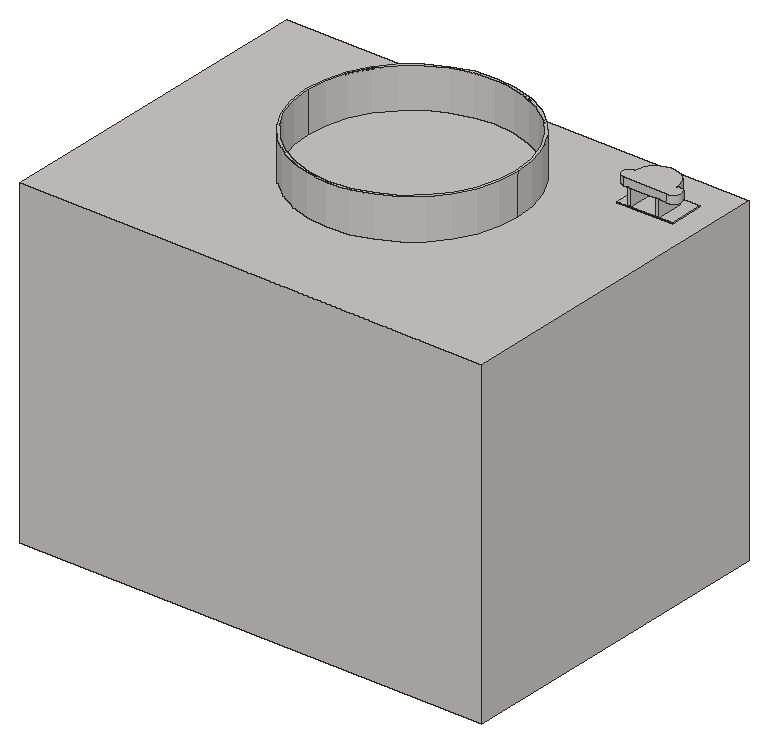
Revit family "AR400743", category Generic Models, Revit 2014
Parameters (values of type "AR400743")
  Width = 333 mm
  URL = "http://www.gaggenau.com."
  Model = "AR400743"
  Manufacturer = "Gaggenau"
  Height = 232 mm
  Unit = Metal Panel
  Description = "Gaggenau 400 series internal blower for use with AI/AW 442 island/wall hood"
  Depth = 240 mm
Reference planes
  plane 1 "Center (Front/Back)": y = 0
  plane 2: z = 0
  plane 3 "Center (Left/Right)": x = 0
  plane 4: x = -166.5
  plane 5: x = 166.5
  plane 6: z = 232
  plane 7: y = 120
  plane 8: y = -120
  plane 9: z = 261
  plane 10: y = 25
Forms (mm)
  Extrusion 1, solid, material "Metal Panel" <- "Unit"
    sketch origin (0, 0, 0) x (1, 0, 0) y (0, 1, 0)
      loop
        line (-166.5, 120) -> (-166.5, -120) -> (166.5, -120) -> (166.5, 120) -> (-166.5, 120)
    from 0 to 232
  Extrusion 2, solid, material "Metal Panel" <- "Unit"
    sketch origin (0, 25, 0) x (1, 0, 0) y (0, 1, 0)
      loop
        circle (0, 0) r 75
      loop
        circle (0, 0) r 76.488
    from 232 to 261
  Extrusion 3, solid, material "Metal Panel" <- "Unit"
    sketch origin (0, 0, 0) x (1, 0, 0) y (0, 1, 0)
      loop
        arc (114.309, 83.231) -> (109.309, 78.231) -> (114.309, 73.231) r 5
        line (114.309, 73.231) -> (144.309, 73.231)
        arc (144.309, 73.231) -> (151.553, 78.231) -> (144.309, 83.231) r 5.347
        arc (144.309, 83.231) -> (129.309, 98.231) -> (114.309, 83.231) r 15
    from 244.332 to 249.687
  Extrusion 4, solid, material "Metal Panel" <- "Unit"
    sketch origin (0, 0, 0) x (1, 0, 0) y (0, 1, 0)
      loop
        line (117.261, 92.166) -> (117.261, 73.231) -> (119.455, 73.231) -> (119.455, 92.166) -> (117.261, 92.166)
      loop
        line (137.261, 92.166) -> (137.261, 73.231) -> (139.455, 73.231) -> (139.455, 92.166) -> (137.261, 92.166)
    from 232.605 to 244.332
  Extrusion 5, solid, material "Metal Panel" <- "Unit"
    sketch origin (0, 0, 0) x (1, 0, 0) y (0, 1, 0)
      loop
        line (109.571, 72.743) -> (149.571, 72.743) -> (149.571, 97.743) -> (109.571, 97.743) -> (109.571, 72.743)
    from 232 to 232.605
Dimensions and locks
  "Width": plane 4 to plane 5
  equal spacing: plane 4, plane 3 "Center (Left/Right)", plane 5
  "Height": plane 6 to level
  equal spacing: plane 7, plane 1 "Center (Front/Back)", plane 8
  "Depth": plane 7 to plane 8
  plane 7 to plane 10 = 95 mm
  aligned and locked: level to plane 2
Automatic sketch dimensions
  Extrusion 1 sketch curve to plane 4 = 0 mm
  Extrusion 1 sketch curve to plane 5 = 0 mm
  Extrusion 1 sketch curve to plane 8 = 0 mm
  Extrusion 1 sketch curve to plane 7 = 0 mm
  Extrusion 2 sketch curve to Extrusion 2 sketch curve = 0 mm  (x2)
  Extrusion 2 sketch curve to plane 1 "Center (Front/Back)" = 25 mm
  Extrusion 2 sketch curve to plane 3 "Center (Left/Right)" = 0 mm
  Extrusion 3 sketch curve to plane 5 = 52.191 mm
  Extrusion 3 sketch curve to Extrusion 3 sketch curve = 15 mm
  Extrusion 3 sketch curve to plane 7 = 41.769 mm
  Extrusion 3 sketch curve to Extrusion 3 sketch curve = 0 mm
  Extrusion 3 sketch curve to Extrusion 3 sketch curve = 5 mm
  Extrusion 3 sketch curve to Extrusion 3 sketch curve = 1.896 mm
  Extrusion 4 sketch curve to plane 5 = 49.239 mm
  Extrusion 4 sketch curve to Extrusion 4 sketch curve = 2.194 mm  (x2)
  Extrusion 4 sketch curve to Extrusion 4 sketch curve = 17.806 mm
  Extrusion 4 sketch curve to plane 7 = 46.769 mm
  Extrusion 4 sketch curve to Extrusion 4 sketch curve = 0 mm
  Extrusion 4 sketch curve to Extrusion 4 sketch curve = 18.935 mm  (x2)
  Extrusion 5 sketch curve to plane 7 = 22.257 mm
  Extrusion 5 sketch curve to plane 5 = 56.929 mm
  Extrusion 5 sketch curve to plane 5 = 16.929 mm
  Extrusion 5 sketch curve to Extrusion 5 sketch curve = 25 mm
  radius of Extrusion 2 sketch curve = 75 mm
  radius of Extrusion 2 sketch curve = 76.488 mm
